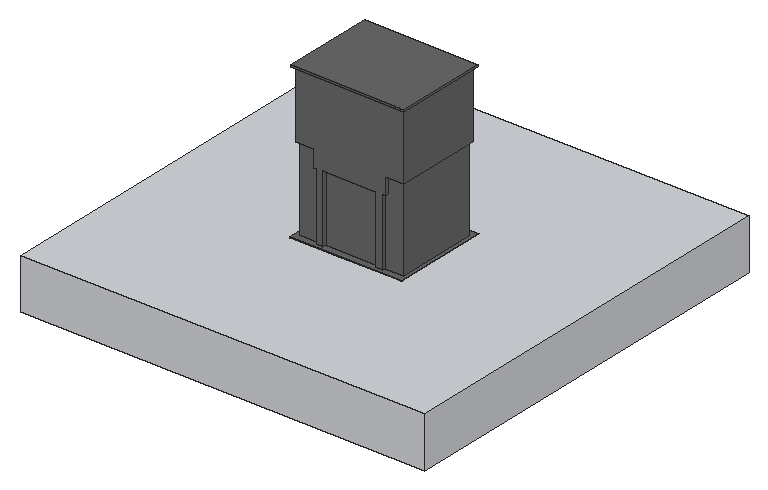
Revit family
Parameters (values of type "VPDUCT1")
  Weight = 37.80 lbf
  Version = "1.8 FT - 3 FT"
  U/M = "EA"
  U Space = "N/A"
  System = "VPOD"
  Sleeve Height = 514.8 mm
  Serial Number = "VP-DUCT1"
  Segment = "CSS"
  Product Page URL = ""
  Product Documentation Link = ""
  Ports = 0
  Model = "VP-DUCT1"
  Min Height = 516.0 mm
  Metal = Metal-Siemon-Frame_Metal
  Max Height = 923.0 mm
  Manufacturer = "SIEMON"
  Loaded/Empty = "N/A"
  Item Group = "RACKS"
  Item Class = "1H"
  Height within Limits [instance] = if(Height > Max Height, Max Height, if(Height < Min Height, Min Height, Height))  # 923.0 mm
  Height [instance] = 923.0 mm
  Description = "VPOD,VERTICAL EXHAUST DUCT 1.8FT - 3FT"
  Default Elevation = 1219.2 mm
  Color = "BLACK"
  Assembly Code = ""
Types (2, lengths in mm): name | Weight | Version | Sleeve Height | Serial Number | Model | Min Height | Max Height | Height within Limits | Height | Description
  VPDUCT1 | 37.80 lbf | "1.8 FT - 3 FT" | 514.8 | "VP-DUCT1" | "VP-DUCT1" | 516.0 | 923.0 | 923.0 | 923.0 | "VPOD,VERTICAL EXHAUST DUCT 1.8FT - 3FT"
  VPDUCT2 | 55.00 lbf | "3FT - 4.8FT" | 911.0 | "VP-DUCT2" | "VP-DUCT2" | 912.0 | 1320.0 | 1320.0 | 1320.0 | "VERSAPOD VERTICAL EXHAUST DUCT 3FT - 4.8FT"
Reference planes
  plane 1 "Center (Front/Back)": y = 0
  plane 2: z = 0
  plane 3 "Center (Left/Right)": x = 0
  plane 4: y = 278.11
  plane 5: x = -343.049
  plane 6: x = 343.049
  plane 7: y = -278.11
  plane 8: z = 923
  plane 9: y = 261.64
  plane 10: y = -261.64
  plane 11: x = 326.529
  plane 12: x = -326.529
  plane 13: z = 913
  plane 14: z = 508.2
  plane 15: x = -314.722
  plane 16: x = 314.722
  plane 17: x = -336.401
  plane 18: x = 336.401
  plane 19: y = -289.173
  plane 20: y = 289.173
  plane 21: z = 1.6
  plane 22: y = 245.11
  plane 23: y = -245.11
  plane 24: x = 159.512
  plane 25: x = 200.406
  plane 26: x = -159.512
  plane 27: x = -200.406
  plane 28: z = 408.2
  plane 29: x = -217.424
  plane 30: x = 217.424
Forms (mm)
  Extrusion 1, solid
    sketch origin (0, 0, 0) x (1, 0, 0) y (0, 1, 0)
      loop
        line (-1219.2, 1219.2) -> (-1219.2, -1219.2) -> (1219.2, -1219.2) -> (1219.2, 1219.2) -> (-1219.2, 1219.2)
    from 0 to -304.8
  Extrusion 2, solid, detail levels coarse
    sketch origin (0, 0, 0) x (1, 0, 0) y (0, 1, 0)
      loop
        line (-343.049, 278.11) -> (-343.049, -278.11) -> (343.049, -278.11) -> (343.049, 278.11) -> (-343.049, 278.11)
    from 0 to 923
  Extrusion 3, solid, material "Metal-Siemon-Frame_Metal", detail levels medium+fine
    sketch origin (0, 0, 0) x (1, 0, 0) y (0, 1, 0)
      loop
        line (-343.049, 278.11) -> (-343.049, -278.11) -> (343.049, -278.11) -> (343.049, 278.11) -> (-343.049, 278.11)
    from 913 to 923
  Extrusion 4, solid, material "Metal-Siemon-Frame_Metal", detail levels medium+fine
    sketch origin (0, 0, 0) x (1, 0, 0) y (0, 1, 0)
      loop
        line (-314.722, -245.11) -> (-200.406, -245.11) -> (-200.406, -261.64) -> (-159.512, -261.64) -> (-159.512, -245.11) -> (159.512, -245.11) -> (159.512, -261.64) -> (200.406, -261.64) -> (200.406, -245.11) -> (314.722, -245.11) -> (314.722, 245.11) -> (200.406, 245.11) -> (200.406, 261.64) -> (159.512, 261.64) -> (159.512, 245.11) -> (-159.512, 245.11) -> (-159.512, 261.64) -> (-200.406, 261.64) -> (-200.406, 245.11) -> (-314.722, 245.11) -> (-314.722, -245.11)
    from 1.6 to 508.2
  Extrusion 5, solid, material "Metal-Siemon-Frame_Metal", detail levels medium+fine
    sketch origin (0, 0, 0) x (1, 0, 0) y (0, 1, 0)
      loop
        line (-336.401, 289.173) -> (-336.401, -289.173) -> (336.401, -289.173) -> (336.401, 289.173) -> (-336.401, 289.173)
    from 0 to 1.6
  Extrusion 6, solid, material "Metal-Siemon-Frame_Metal", detail levels medium+fine
    sketch origin (0, 0, 0) x (1, 0, 0) y (0, 0, 1)
      loop
        line (-326.529, 913) -> (-326.529, 508.2) -> (-217.424, 508.2) -> (-217.424, 408.2) -> (217.424, 408.2) -> (217.424, 508.2) -> (326.529, 508.2) -> (326.529, 913) -> (-326.529, 913)
    from -261.64 to 261.64
Cuts and joins
  joined: Extrusion 4, Extrusion 6
Lines and regions (mm)
  Masking region 1, detail levels coarse
    outline origin (0, 0, 0) x (1, 0, 0) y (0, 0, 1)
      loop
        line (-343.049, 923) -> (-343.049, 0) -> (343.049, 0) -> (343.049, 923) -> (-343.049, 923)
  Masking region 2, detail levels medium+fine
    outline origin (0, 0, 0) x (1, 0, 0) y (0, 0, 1)
      loop
        line (-343.049, 923) -> (-343.049, 913) -> (-326.529, 913) -> (-326.529, 508.2) -> (-314.722, 508.2) -> (-314.722, 1.6) -> (-336.401, 1.6) -> (-336.401, 0) -> (336.401, 0) -> (336.401, 1.6) -> (314.722, 1.6) -> (314.722, 508.2) -> (326.529, 508.2) -> (326.529, 913) -> (343.049, 913) -> (343.049, 923) -> (-343.049, 923)
  Masking region 3
    outline origin (0, 0, 0) x (0, 1, 0) y (0, 0, 1)
      loop
        line (289.173, 923) -> (-289.173, 923) -> (-289.173, 0) -> (289.173, 0) -> (289.173, 923)
  Masking region 4, detail levels medium+fine
    outline origin (0, 0, 0) x (0, 1, 0) y (0, 0, 1)
      loop
        line (289.173, 923) -> (-289.173, 923) -> (-289.173, 913) -> (-261.64, 913) -> (-261.64, 508.2) -> (-245.11, 508.2) -> (-245.11, 1.6) -> (-289.173, 1.6) -> (-289.173, 0) -> (289.173, 0) -> (289.173, 1.6) -> (245.11, 1.6) -> (245.11, 508.2) -> (261.64, 508.2) -> (261.64, 913) -> (289.173, 913) -> (289.173, 923)
  Masking region 5
    outline origin (0, 0, 0) x (1, 0, 0) y (0, 1, 0)
      loop
        line (-343.049, 289.173) -> (-343.049, -289.173) -> (343.049, -289.173) -> (343.049, 289.173) -> (-343.049, 289.173)
  symbolic lines
    curve 1: line (-343.049, -289.173, 0) -> (343.049, 289.173, 0)
  symbolic lines, detail levels fine
    curve 2: line (-326.529, 0, 508.2) -> (-217.424, 0, 508.2)
    curve 3: line (-217.424, 0, 508.2) -> (-217.424, 0, 408.2)
    curve 4: line (-217.424, 0, 408.2) -> (217.424, 0, 408.2)
    curve 5: line (217.424, 0, 408.2) -> (217.424, 0, 508.2)
    curve 6: line (217.424, 0, 508.2) -> (326.529, 0, 508.2)
    curve 7: line (-200.406, 0, 408.2) -> (-200.406, 0, 1.6)
    curve 8: line (-159.512, 0, 408.2) -> (-159.512, 0, 1.6)
    curve 9: line (159.512, 0, 408.2) -> (159.512, 0, 1.6)
    curve 10: line (200.406, 0, 408.2) -> (200.406, 0, 1.6)
    curve 11: line (0, 245.11, 508.2) -> (0, -245.11, 508.2)
Dimensions and locks
  equal spacing: plane 7, plane 1 "Center (Front/Back)", plane 4
  locked: plane 7 to plane 4 at 556.22
  equal spacing: plane 5, plane 3 "Center (Left/Right)", plane 6
  locked: plane 5 to plane 6 at 686.098
  "Height within Limits": plane 8 to plane 2
  equal spacing: plane 10, plane 1 "Center (Front/Back)", plane 9
  locked: plane 9 to plane 10 at 523.28
  equal spacing: plane 12, plane 3 "Center (Left/Right)", plane 11
  locked: plane 12 to plane 11 at 653.058
  locked: plane 8 to plane 13 at 10
  equal spacing: plane 15, plane 3 "Center (Left/Right)", plane 16
  locked: plane 15 to plane 16 at 629.444
  equal spacing: plane 19, plane 1 "Center (Front/Back)", plane 20
  locked: plane 19 to plane 20 at 578.346
  equal spacing: plane 17, plane 3 "Center (Left/Right)", plane 18
  locked: plane 17 to plane 18 at 672.802
  plane 21 to level = 1.6 mm
  equal spacing: plane 23, plane 1 "Center (Front/Back)", plane 22
  locked: plane 23 to plane 22 at 490.22
  equal spacing: plane 27, plane 3 "Center (Left/Right)", plane 25
  locked: plane 27 to plane 25 at 400.812
  equal spacing: plane 26, plane 3 "Center (Left/Right)", plane 24
  locked: plane 26 to plane 24 at 319.024
  equal spacing: plane 29, plane 3 "Center (Left/Right)", plane 30
  locked: plane 29 to plane 30 at 434.848
  locked: plane 14 to plane 28 at 100
  "Sleeve Height": plane 8 to plane 28
  aligned and locked: plane 2 to Extrusion 1
  aligned and locked: level to Extrusion 1
  aligned and locked: plane 5 to Extrusion 2 sketch curve
  aligned and locked: Extrusion 2 sketch curve to plane 4
  aligned and locked: plane 7 to Extrusion 2 sketch curve
  aligned and locked: plane 6 to Extrusion 2 sketch curve
  aligned and locked: plane 8 to Extrusion 2
  aligned and locked: Extrusion 2 to level
  aligned and locked: Extrusion 3 sketch curve to Extrusion 2  (x3)
  aligned and locked: Extrusion 2 to Extrusion 3 sketch curve
  aligned and locked: Extrusion 3 to Extrusion 2
  aligned and locked: Extrusion 3 to plane 13
  aligned and locked: plane 16 to Extrusion 4 sketch curve
  aligned and locked: plane 14 to Extrusion 4
  aligned: Extrusion 4 to level
  aligned and locked: Extrusion 5 sketch curve to plane 20
  aligned and locked: plane 19 to Extrusion 5 sketch curve
  aligned and locked: plane 18 to Extrusion 5 sketch curve
  aligned and locked: plane 17 to Extrusion 5 sketch curve
  aligned and locked: Extrusion 5 to level
  aligned and locked: plane 21 to Extrusion 5
  aligned and locked: plane 23 to Extrusion 4 sketch curve  (x3)
  aligned and locked: plane 27 to Extrusion 4 sketch curve
  aligned and locked: plane 10 to Extrusion 4 sketch curve  (x2)
  aligned and locked: Extrusion 4 sketch curve to plane 26
  aligned and locked: Extrusion 4 sketch curve to plane 24
  aligned and locked: plane 25 to Extrusion 4 sketch curve
  aligned and locked: Extrusion 4 sketch curve to plane 25
  aligned and locked: Extrusion 4 sketch curve to plane 9  (x2)
  aligned and locked: plane 24 to Extrusion 4 sketch curve
  aligned and locked: Extrusion 4 sketch curve to plane 22  (x3)
  aligned and locked: plane 26 to Extrusion 4 sketch curve
  aligned and locked: Extrusion 4 sketch curve to plane 27
  aligned and locked: Extrusion 4 to Extrusion 5
  aligned and locked: plane 13 to Extrusion 6 sketch curve
  aligned and locked: Extrusion 6 sketch curve to plane 11
  aligned and locked: Extrusion 6 sketch curve to plane 14  (x2)
  aligned and locked: Extrusion 6 sketch curve to plane 12
  aligned and locked: plane 29 to Extrusion 6 sketch curve
  aligned and locked: plane 30 to Extrusion 6 sketch curve
  aligned and locked: Extrusion 6 sketch curve to plane 28
  aligned and locked: plane 10 to Extrusion 6
  aligned and locked: plane 9 to Extrusion 6
  aligned and locked: Extrusion 2 to Masking region 1 sketch curve
  aligned and locked: Masking region 1 sketch curve to Extrusion 2  (x3)
  aligned and locked: Extrusion 1 to Masking region 2 sketch curve
  aligned and locked: Masking region 2 sketch curve to plane 17
  aligned and locked: plane 21 to Masking region 2 sketch curve
  aligned and locked: Masking region 2 sketch curve to plane 15
  aligned and locked: Masking region 2 sketch curve to plane 14
  aligned and locked: Masking region 2 sketch curve to plane 12
  aligned and locked: Masking region 2 sketch curve to plane 13
  aligned and locked: Masking region 2 sketch curve to plane 5
  aligned and locked: Masking region 2 sketch curve to plane 8
  aligned and locked: plane 6 to Masking region 2 sketch curve
  aligned and locked: plane 13 to Masking region 2 sketch curve
  aligned and locked: plane 11 to Masking region 2 sketch curve
  aligned and locked: plane 14 to Masking region 2 sketch curve
  aligned and locked: plane 16 to Masking region 2 sketch curve
  aligned and locked: Masking region 2 sketch curve to plane 21
  aligned and locked: plane 18 to Masking region 2 sketch curve
  aligned and locked: plane 20 to Masking region 3 sketch curve
  aligned and locked: plane 8 to Masking region 3 sketch curve
  aligned and locked: Masking region 3 sketch curve to Extrusion 5  (x2)
  aligned and locked: Masking region 4 sketch curve to cut or joined group of Extrusion 4, Extrusion 6
  aligned and locked: plane 14 to Masking region 4 sketch curve
  aligned and locked: Masking region 4 sketch curve to plane 8
  aligned and locked: plane 20 to Masking region 4 sketch curve  (x2)
  aligned and locked: Masking region 4 sketch curve to plane 13
  aligned and locked: plane 9 to Masking region 4 sketch curve
  aligned and locked: Masking region 4 sketch curve to plane 14
  aligned and locked: plane 22 to Masking region 4 sketch curve
  aligned and locked: plane 21 to Masking region 4 sketch curve
  aligned and locked: Extrusion 1 to Masking region 4 sketch curve
  aligned and locked: Masking region 4 sketch curve to plane 19  (x2)
  aligned and locked: Masking region 4 sketch curve to plane 21
  aligned and locked: Masking region 4 sketch curve to plane 23
  aligned and locked: plane 13 to Masking region 4 sketch curve
  aligned and locked: plane 5 to Masking region 5 sketch curve
  aligned and locked: Masking region 5 sketch curve to plane 20
  aligned and locked: plane 19 to Masking region 5 sketch curve
  aligned and locked: plane 6 to Masking region 5 sketch curve
  aligned and locked: plane 20 to curve 1
  aligned and locked: plane 6 to curve 1
  aligned and locked: plane 19 to curve 1
  aligned and locked: plane 5 to curve 1
  aligned and locked: cut or joined group of Extrusion 4, Extrusion 6 to plane 14  (x2)
  aligned and locked: plane 29 to cut or joined group of Extrusion 4, Extrusion 6
  aligned and locked: plane 30 to cut or joined group of Extrusion 4, Extrusion 6
  aligned and locked: cut or joined group of Extrusion 4, Extrusion 6 to plane 28
  aligned and locked: curve 2 to plane 14
  aligned and locked: plane 29 to curve 3
  aligned and locked: curve 4 to plane 28
  aligned and locked: plane 30 to curve 5
  aligned and locked: curve 6 to plane 14
  aligned and locked: plane 27 to cut or joined group of Extrusion 4, Extrusion 6
  aligned and locked: cut or joined group of Extrusion 4, Extrusion 6 to plane 26
  aligned and locked: cut or joined group of Extrusion 4, Extrusion 6 to plane 24
  aligned and locked: plane 25 to cut or joined group of Extrusion 4, Extrusion 6
  aligned and locked: curve 11 to plane 14
  aligned and locked: plane 23 to curve 11
  aligned and locked: plane 22 to curve 11
Automatic sketch dimensions
  Extrusion 1 sketch curve to Extrusion 1 sketch curve = 2438.4 mm  (x2)
  Extrusion 4 sketch curve to plane 15 = 0.0 mm
  curve 2 to plane 12 = 0.0 mm
  plane 27 to curve 7 = 0.0 mm
  plane 26 to curve 8 = 0.0 mm
  curve 9 to plane 24 = 0.0 mm
  curve 10 to plane 25 = 0.0 mm
  plane 11 to curve 6 = 0.0 mm
  curve 10 to plane 21 = 0.0 mm
  curve 9 to plane 21 = 0.0 mm
  curve 8 to plane 21 = 0.0 mm
  curve 7 to plane 21 = 0.0 mm
